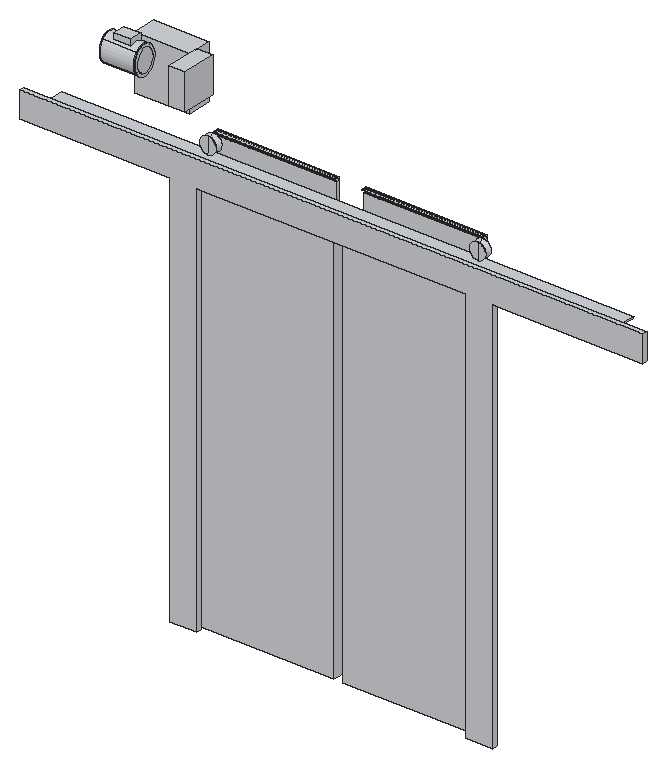
Revit family "Mark IV Horizontal - Bi-Parting (Power)", category Doors, host Wall, Revit 2014
Parameters (values of type "MARK IV Horizontal Bi parting (Power)")
  WIC = 61"
  Swing Angle [instance] = 45.00°
  Shutter = none
  OVERALL FRAME WIDTH = WIC + 4"  # 65"
  OVERALL FRAME HEIGHT = HIC + 2"  # 92"
  HIC = 90"
  Function = Interior
  Frame Projection Ext. = 1"
  Frame Projection Int. = 1"
  Frame Width = 3"
  Height = 60"
  Wall Closure = By host
  Width = 36"
  Frame = none
  LATCH STRIKE TAPPING BAR = 41"
  DOOR CLOSER = 14"
  Closure Offset = 8"
  Closer [instance] = yes
  Clearance Required = (2 * WIC) + 19"  # 141"
  Analytic Construction = "<None>"
Types (5): name | WIC | OVERALL FRAME WIDTH | OVERALL FRAME HEIGHT | HIC | Height | Width | Clearance Required
  3'-0" X 6'-8" | 40" | 44" | 79 1/2" | 77 1/2" | 60" | 36" | 99"
  MARK IV Horizontal Bi parting (Power) | 61" | 65" | 92" | 90" | 60" | 36" | 141"
  3'-0" X 8'-0" | 36" | 40" | 98" | 96" | 96" | 36" | 91"
  4'-0" X 7'-0" | 48" | 52" | 86" | 84" | 84" | 48" | 115"
  4'-0" X 8'-0" | 48" | 52" | 98" | 96" | 96" | 48" | 115"
Reference planes (in)
  plane 1 "Center (Front/Back)": y = 0
  plane 2 "Center (Left/Right)": x = 0
  plane 3 "Exterior": y = 4
  plane 4 "Interior": y = -4
  plane 5: x = -30.5
  plane 6 "HIC": z = 90
  plane 7: y = 6
  plane 8: x = -32.5
  plane 9: z = 92
  plane 10: y = 4.98652
  plane 11: y = 10
  plane 12: z = 96
  plane 13 "Panel L": x = 32.48977
  plane 14: x = -34.5
  plane 15: z = 92
  plane 16: z = 0
  plane 17: z = 51.48172
  plane 18: x = 32.48977
  plane 19: x = 38.48977
  plane 20: y = 5
  plane 21: y = 10.5625
  plane 22: x = -64.75
  plane 23 "panel r": x = -32.5
  plane 24: x = 1
  plane 25: x = -1
  plane 26: x = 70.5
  plane 27: x = 64.75
  plane 28: x = 3
  plane 29: x = -3
  plane 30: y = -53.37225
  plane 31: y = -50.37225
  plane 32: y = -1.70841
  plane 33: y = -15.70841
Forms (in)
  Extrusion 1, solid
    sketch origin (0, 5, 0) x (1, 0, 0) y (0, 0, 1)
      loop
        line (32.48977, 92) -> (1, 92) -> (1, 0) -> (32.48977, 0) -> (32.48977, 92)
    from -5 to -1
  Extrusion 2, solid
    sketch origin (0, 0, 0) x (1, 0, 0) y (0, 1, 0)
      loop
        line (30.5, 4) -> (36.5, 4) -> (36.5, 5) -> (30.5, 5) -> (30.5, 4)
    from 0 to 96
  Extrusion 3, solid
    sketch origin (-69.98977, 0, 0) x (1, 0, 0) y (0, 1, 0)
      loop
        line (33.48977, 4) -> (39.48977, 4) -> (39.48977, 5) -> (33.48977, 5) -> (33.48977, 4)
    from 0 to 96
  Extrusion 4, solid
    sketch origin (0, 0, 0) x (1, 0, 0) y (0, 0, 1)
      loop
        line (70.5, 96) -> (-70.5, 96) -> (-70.5, 90) -> (70.5, 90) -> (70.5, 96)
    from -5 to -4
  Sweep 5, solid
    path origin (0, 0, 0) x (1, 0, 0) y (0, 0, 1)
      loop
        line (64.75, 96) -> (-64.75, 96)
    profile origin (0, 0, 96) x (0, 0, -1) y (0, -1, 0)
      loop
        line (0.5, -5) -> (0.5, -8.58617) -> (0.78125, -8.30492) -> (0.78125, -5.23652) -> (3.5, -5.23652) -> (3.5, -5) -> (0.5, -5)
  Sweep 6, solid
    path origin (0, 0, 0) x (1, 0, 0) y (0, 0, 1)
      loop
        line (-3, 100) -> (-30.5, 100)
    profile origin (-16.75, 0, 100) x (0, 0, -1) y (0, -1, 0)
      loop
        line (1.40922, -9.32799) -> (1.40922, -9.6822) -> (0.74593, -9.6822)
        arc (0.74593, -9.6822) -> (0.68178, -9.62086) -> (0.65817, -9.5353) r 0.16683
        line (0.65817, -9.5353) -> (0.65817, -8.76109) -> (0.54276, -8.76109) -> (0.54276, -9.81212) -> (6.11057, -9.81212)
        arc (6.11057, -9.81212) -> (6.17753, -9.76735) -> (6.2223, -9.70039) r 0.2067
        line (6.2223, -9.70039) -> (6.2223, -8.75329) -> (6.11057, -8.75329) -> (6.11057, -9.6822) -> (5.37644, -9.6822)
        arc (5.37644, -9.6822) -> (5.85233, -9.48508) -> (6.04945, -9.00919) r 0.67301
        line (6.04945, -9.00919) -> (6.04945, -6.75919) -> (5.65982, -6.75919) -> (5.65982, -9.00919)
        arc (5.65982, -9.00919) -> (5.45596, -9.24152) -> (5.15922, -9.32799) r 0.55243
        line (5.15922, -9.32799) -> (1.40922, -9.32799)
  Extrusion 7, solid
    sketch origin (0, 5, 0) x (1, 0, 0) y (0, 0, 1)
      loop
        line (-1, 92) -> (-34.5, 92) -> (-34.5, 0) -> (-1, 0) -> (-1, 92)
    from -5 to -1
  Sweep 8, solid
    path origin (0, 0, 0) x (1, 0, 0) y (0, 0, 1)
      loop
        line (30.5, 100) -> (3, 100)
    profile origin (16.75, 0, 100) x (0, 0, -1) y (0, -1, 0)
      loop
        line (1.40922, -9.32799) -> (1.40922, -9.6822) -> (0.74593, -9.6822)
        arc (0.74593, -9.6822) -> (0.68178, -9.62086) -> (0.65817, -9.5353) r 0.16683
        line (0.65817, -9.5353) -> (0.65817, -8.76109) -> (0.54276, -8.76109) -> (0.54276, -9.81212) -> (6.11057, -9.81212)
        arc (6.11057, -9.81212) -> (6.17753, -9.76735) -> (6.2223, -9.70039) r 0.2067
        line (6.2223, -9.70039) -> (6.2223, -8.75329) -> (6.11057, -8.75329) -> (6.11057, -9.6822) -> (5.37644, -9.6822)
        arc (5.37644, -9.6822) -> (5.85233, -9.48508) -> (6.04945, -9.00919) r 0.67301
        line (6.04945, -9.00919) -> (6.04945, -6.75919) -> (5.65982, -6.75919) -> (5.65982, -9.00919)
        arc (5.65982, -9.00919) -> (5.45596, -9.24152) -> (5.15922, -9.32799) r 0.55243
        line (5.15922, -9.32799) -> (1.40922, -9.32799)
Cuts and joins
  joined: Extrusion 2, Extrusion 3, Extrusion 4
Lines and regions (in)
  Opening 1
    outline origin (-60, -4, 0) x (1, 0, 0) y (0, 0, 1)
      loop
        line (90.5, 90) -> (29.5, 90) -> (29.5, 0) -> (90.5, 0) -> (90.5, 90)
Text (in)
  text "Exterior" at (-74.96733, 27.31104, 0), in view "Ref. Level"
  text "Interior" at (-74.96733, -25.14366, 0), in view "Ref. Level"
  text "Exterior" at (0, 40.15149, 123.01588), in view "Right"
  text "Interior" at (0, -64.39139, 123.01588), in view "Right"
  text "Interior" at (0, -31.01599, 123.00693), in view "Left"
  text "Exterior" at (0, 54.57065, 123.00693), in view "Left"
Dimensions and locks (in)
  plane 5 to plane 2 "Center (Left/Right)" = 30 1/2"
  "HIC": level to plane 6 "HIC"
  locked: plane 8 to plane 5 at 2
  locked: plane 6 "HIC" to plane 9 at 2
  locked: Extrusion 2 sketch curve to Extrusion 2 sketch curve at 6
  locked: Extrusion 2 sketch curve to Extrusion 2 sketch curve at 1
  locked: Extrusion 3 sketch curve to Extrusion 3 sketch curve at 6
  locked: Extrusion 3 sketch curve to Extrusion 3 sketch curve at 1
  locked: plane 3 "Exterior" to plane 7 at 2
  locked: plane 11 to plane 7 at 4
  locked: plane 6 "HIC" to plane 12 at 6
  locked: plane 6 "HIC" to plane 15 at 2
  locked: plane 14 to plane 5 at 4
  Extrusion 4 sketch curve to Extrusion 4 sketch curve = 6"
  locked: plane 6 "HIC" to Extrusion 4 at 6
  plane 19 to plane 13 "Panel L" = 6"
  locked: plane 3 "Exterior" to plane 20 at 1
  locked: plane 6 "HIC" to Sweep 6 sketch curve at 10
  locked: plane 6 "HIC" to Sweep 5 sketch curve at 6
  locked: cut or joined group of Extrusion 2, Extrusion 3, Extrusion 4 to plane 3 "Exterior" at 1
  locked: Sweep 6 sketch curve to plane 3 "Exterior" at 5.32799
  locked: plane 23 "panel r" to plane 5 at 2
  locked: nested 1 to plane 3 "Exterior" at 3.9231
  locked: nested 2 to plane 3 "Exterior" at 3.9231
  locked: nested 1 to plane 15 at 5.34361
  locked: level to nested 3 at 43
  locked: plane 2 "Center (Left/Right)" to plane 24 at 1
  locked: plane 25 to plane 2 "Center (Left/Right)" at 1
  locked: plane 2 "Center (Left/Right)" to nested 3 at 6
  locked: nested 4 to plane 2 "Center (Left/Right)" at 6
  locked: level to nested 4 at 43
  locked: plane 26 to plane 27 at 5.75
  plane 26 to plane 2 "Center (Left/Right)" = 70 1/2"
  locked: plane 28 to plane 24 at 2
  locked: plane 25 to plane 29 at 2
  locked: nested 5 to plane 15 at 6
  locked: nested 5 to host wall at 13
  aligned and locked: plane 3 "Exterior" to host wall
  aligned and locked: plane 4 "Interior" to host wall
  aligned and locked: Opening 1 sketch curve to level
  aligned and locked: host wall to Extrusion 1 sketch curve
  aligned and locked: plane 3 "Exterior" to Extrusion 2 sketch curve
  aligned and locked: Extrusion 2 sketch curve to host wall
  aligned and locked: Opening 1 sketch curve to plane 6 "HIC"
  aligned and locked: plane 22 to Sweep 5 sketch curve
  aligned and locked: Sweep 5 sketch curve to plane 20
  aligned and locked: Opening 1 sketch curve to plane 5
  aligned and locked: Extrusion 1 sketch curve to plane 18
  aligned and locked: Extrusion 3 sketch curve to plane 5
  aligned and locked: nested 1 to plane 5
  aligned and locked: nested 1 to nested 2
  aligned and locked: plane 5 to Sweep 6 sketch curve
  aligned and locked: cut or joined group of Extrusion 2, Extrusion 3, Extrusion 4 to plane 12  (x2)
  aligned and locked: nested 2 to nested 1
  aligned and locked: Extrusion 1 to plane 24
  aligned and locked: Extrusion 7 to plane 25
  aligned and locked: Extrusion 7 to plane 14
  aligned and locked: plane 26 to cut or joined group of Extrusion 2, Extrusion 3, Extrusion 4
  aligned and locked: Sweep 5 sketch curve to plane 27
  aligned and locked: plane 28 to Sweep 8 sketch curve
  aligned and locked: Sweep 6 sketch curve to plane 29
Automatic sketch dimensions
  plane 20 to Extrusion 3 sketch curve = 0"
  Sweep 5 sketch curve to profile plane = 1/2"
  Sweep 5 sketch curve to Sweep 5 sketch curve = 9/32"  (x2)
  Sweep 5 sketch curve to Sweep 5 sketch curve = 2 23/32"
  Sweep 5 sketch curve to Sweep 5 sketch curve = 0.23652"
  Sweep 5 sketch curve to Sweep 5 sketch curve = 3.0684"
  Sweep 6 sketch curve to profile plane = 0.54276"
  Sweep 6 sketch curve to Sweep 6 sketch curve = 0.11541"
  Sweep 6 sketch curve to Sweep 6 sketch curve = 0.08776"
  Sweep 6 sketch curve to Sweep 6 sketch curve = 0.07907"
  Sweep 6 sketch curve to Sweep 6 sketch curve = 0.58422"
  Sweep 6 sketch curve to Sweep 6 sketch curve = 3 3/4"
  Sweep 6 sketch curve to Sweep 6 sketch curve = 0.21722"
  Sweep 6 sketch curve to Sweep 6 sketch curve = 0.28337"
  Sweep 6 sketch curve to Sweep 6 sketch curve = 0.65493"
  Sweep 6 sketch curve to Sweep 6 sketch curve = 0.38964"
  Sweep 6 sketch curve to Sweep 6 sketch curve = 0.06111"
  Sweep 6 sketch curve to Sweep 6 sketch curve = 0"  (x2)
  Sweep 6 sketch curve to Sweep 6 sketch curve = 0.11173"
  Sweep 6 sketch curve to Sweep 6 sketch curve = 0.20731"
  Sweep 6 sketch curve to Sweep 6 sketch curve = 0.2932"
  Sweep 6 sketch curve to Sweep 6 sketch curve = 0.06101"
  Sweep 6 sketch curve to Sweep 6 sketch curve = 0.01818"
  Sweep 6 sketch curve to Sweep 6 sketch curve = 0.77421"
  Sweep 6 sketch curve to Sweep 6 sketch curve = 0.2559"
  Sweep 6 sketch curve to Sweep 6 sketch curve = 1.9941"
  Extrusion 1 sketch curve to plane 15 = 0"
  plane 6 "HIC" to Extrusion 4 sketch curve = 0"
  Extrusion 7 sketch curve to plane 15 = 0"
  plane 23 "panel r" to Extrusion 7 sketch curve = 2"
  Extrusion 7 sketch curve to level = 0"
  Extrusion 7 sketch curve to plane 13 "Panel L" = 33.48977"
  Extrusion 1 sketch curve to plane 23 "panel r" = 33 1/2"
  Sweep 8 sketch curve to plane 12 = 4"
  Sweep 8 sketch curve to profile plane = 0.54276"
  Sweep 8 sketch curve to Sweep 8 sketch curve = 0.11541"
  Sweep 8 sketch curve to Sweep 8 sketch curve = 0.08776"
  Sweep 8 sketch curve to Sweep 8 sketch curve = 0.07907"
  Sweep 8 sketch curve to Sweep 8 sketch curve = 0.58422"
  Sweep 8 sketch curve to Sweep 8 sketch curve = 3 3/4"
  Sweep 8 sketch curve to Sweep 8 sketch curve = 0.21722"
  Sweep 8 sketch curve to Sweep 8 sketch curve = 0.28337"
  Sweep 8 sketch curve to Sweep 8 sketch curve = 0.65493"
  Sweep 8 sketch curve to Sweep 8 sketch curve = 0.38964"
  Sweep 8 sketch curve to Sweep 8 sketch curve = 0.06111"
  Sweep 8 sketch curve to Sweep 8 sketch curve = 0"  (x2)
  Sweep 8 sketch curve to Sweep 8 sketch curve = 0.11173"  (x2)
  Sweep 8 sketch curve to plane 1 "Center (Front/Back)" = 9.81212"
  Sweep 8 sketch curve to Sweep 8 sketch curve = 0.06101"
  Sweep 8 sketch curve to Sweep 8 sketch curve = 0.12991"
  Sweep 8 sketch curve to Sweep 8 sketch curve = 0.35422"
  Sweep 8 sketch curve to Sweep 8 sketch curve = 0.77421"
  Sweep 8 sketch curve to Sweep 8 sketch curve = 0.2559"
  Sweep 8 sketch curve to Sweep 8 sketch curve = 1.9941"
  Extrusion 4 sketch curve to plane 26 = 0"
  Opening 1 sketch curve to plane 13 "Panel L" = 1.98977"
  Sweep 8 sketch curve to plane 13 "Panel L" = 1.98977"
  plane 22 to Extrusion 4 sketch curve = 5 3/4"
Nested families (in)
  nested 1: "Roller" at (-30.5, 7.9231, 95.49986), type "Roller"
  nested 2: "Roller" at (30.5, 7.9231, 95.49986), type "Roller"
  nested 3: "Handle" at (6, 10, 43) x (-1, 0, 0) z (0, 1, 0), type "Handle"
  nested 4: "Handle" at (-6, 10, 43) x (1, 0, 0) z (0, 1, 0), type "Handle"
  nested 5: "Motor" at (-118.1885, 239.96765, -55.04618), type "Motor"
Definition of nested family "Roller"
  Reference planes (in)
    plane 1 "Center (Front/Back)": y = 0
    plane 2: z = 0
    plane 3 "Center (Left/Right)": x = 0
    plane 4: z = 1.84375
  Forms (in)
    Revolve 1, solid
      sketch origin (0, -6.4231, -89.40625) x (0, 1, 0) y (0, 0, 1)
        loop
          line (7.82799, 91.25) -> (7.82799, 91.75033) -> (7.17174, 91.75033) -> (7.17174, 93.09375) -> (6.42174, 92.34375) -> (5.67174, 93.09375) -> (5.67174, 91.25) -> (7.82799, 91.25)
        axis (7.82799, 91.25) -> (5.67174, 91.25)
      angle from 0 to 360
  Dimensions and locks (in)
    aligned and locked: plane 2 to level
Definition of nested family "Handle"
  Parameters (values of type "Handle")
    Default Elevation = 48"
  Reference planes (in)
    plane 1 "Center (Front/Back)": y = 0
    plane 2: z = 0
    plane 3 "Center (Left/Right)": x = 0
  Forms (in)
    Extrusion 1, solid
      sketch origin (0, 0, 0) x (1, 0, 0) y (0, 1, 0)
        loop
          line (-48, 48) -> (-48, -48) -> (48, -48) -> (48, 48) -> (-48, 48)
      from 0 to -12
    Extrusion 2, solid
      sketch origin (0, 0, 0) x (0, 1, 0) y (0, 0, 1)
        loop
          line (-3.80932, 0) -> (-2.36661, 0) -> (-2.36661, 0.29687)
          arc (-2.36661, 0.29687) -> (-2.22902, 1.02391) -> (-1.82375, 1.64299) r 1.89692
          line (-1.82375, 1.64299) -> (0, 1.64299) -> (1.82375, 1.64299)
          arc (1.82375, 1.64299) -> (2.22902, 1.02391) -> (2.36661, 0.29687) r 1.89692
          line (2.36661, 0.29687) -> (2.36661, 0) -> (3.80932, 0) -> (3.80932, 0.29687) -> (2.81019, 0.29687)
          arc (2.81019, 0.29687) -> (2.5914, 1.27762) -> (1.96409, 2.06262) r 2.22895
          line (1.96409, 2.06262) -> (0, 2.06262) -> (-1.96409, 2.06262)
          arc (-1.96409, 2.06262) -> (-2.5914, 1.27762) -> (-2.81019, 0.29687) r 2.22895
          line (-2.81019, 0.29687) -> (-3.80932, 0.29687) -> (-3.80932, 0)
      from -3.09244 to 4.26058
    Extrusion 3, void
      sketch origin (0, 0, 0) x (1, 0, 0) y (0, 1, 0)
        loop
          line (-0.5, 1.7903) -> (-0.5, 0.82375) -> (-0.60688, 0.82375) -> (-0.60688, -0.7903) -> (-0.5, -0.7903) -> (-0.5, -1.7903)
          arc (-0.5, -1.7903) -> (-0.6574, -2.48734) -> (-1.09906, -3.0491) r 1.62209
          arc (-1.09906, -3.0491) -> (0.009, -3.85787) -> (1.1397, -3.08107) r 1.18676
          arc (1.1397, -3.08107) -> (0.6687, -2.51059) -> (0.5, -1.7903) r 1.62209
          line (0.5, -1.7903) -> (0.5, -0.7903) -> (0.60688, -0.7903) -> (0.60688, 0.82375) -> (0.5, 0.82375) -> (0.5, 1.7903)
          arc (0.5, 1.7903) -> (0.6687, 2.51059) -> (1.1397, 3.08107) r 1.62209
          arc (1.1397, 3.08107) -> (0.009, 3.85787) -> (-1.09906, 3.0491) r 1.18676
          arc (-1.09906, 3.0491) -> (-0.6574, 2.48734) -> (-0.5, 1.7903) r 1.62209
        loop
          line (-3.20398, 4.60753) -> (-3.20398, -4.64247) -> (5.04602, -4.64247) -> (5.04602, 4.60753) -> (-3.20398, 4.60753)
      from 0 to 3.13683
  Cuts and joins
    Extrusion 3 cuts Extrusion 2
  Dimensions and locks (in)
    aligned and locked: plane 2 to Extrusion 1
    aligned and locked: level to Extrusion 1
Definition of nested family "Motor"
  Reference planes (in)
    plane 1 "Center (Front/Back)": y = 0
    plane 2: z = 0
    plane 3 "Center (Left/Right)": x = 0
    plane 4: y = -75.66764
    plane 5: y = -97.66764
    plane 6: y = -213.78582
    plane 7: y = -235.78582
    plane 8: z = 58.41669
    plane 9: z = 64.79299
    plane 10: z = 155.45324
    plane 11: z = 161.82824
  Forms (in)
    Extrusion 1, solid
      sketch origin (0, -208.98528, 96.84833) x (1, 0, 0) y (0, 0, 1)
        loop
          line (61.6885, 64.19785) -> (61.6885, 51.94785) -> (74.04149, 51.94785) -> (74.04149, 64.19785) -> (61.6885, 64.19785)
      from 6.59446 to 12
    Extrusion 2, solid
      sketch origin (0, -219.56332, 97.45999) x (0, 1, 0) y (0, 0, 1)
        loop
          arc (-2.99637, 63.54741) -> (-4.93444, 64.40015) -> (-6.83167, 63.46005) r 2.5
          arc (-6.83167, 63.46005) -> (-7.62957, 61.18076) -> (-6.83167, 58.90146) r 3.65447
          arc (-6.83167, 58.90146) -> (-4.93444, 57.96136) -> (-2.99637, 58.81411) r 2.5
          arc (-2.99637, 58.81411) -> (-2.10689, 61.18076) -> (-2.99637, 63.54741) r 3.59322
      from 58.66425 to 66.36755
    Extrusion 3, solid
      sketch origin (8.41216, 0, 0) x (0, 1, 0) y (0, 0, 1)
        loop
          line (-218.96765, 161.1433) -> (-226.96765, 161.1433) -> (-226.96765, 153.04618) -> (-218.96765, 153.04618) -> (-218.96765, 161.1433)
      from 65.62934 to 69.27634
    Extrusion 4, solid
      sketch origin (0, 0, 0) x (0, 1, 0) y (0, 0, 1)
        loop
          line (-223.06114, 162.77716) -> (-225.81114, 162.77716) -> (-225.81114, 161.45178)
          arc (-225.81114, 161.45178) -> (-224.43521, 161.86078) -> (-223.06114, 161.4456) r 2.5
          line (-223.06114, 161.4456) -> (-223.06114, 162.77716)
      from 60.76563 to 64.70642
    Extrusion 5, void
      sketch origin (0, 0, 0) x (1, 0, 0) y (0, 0, 1)
        loop
          line (65.73483, 159.04254) -> (65.73483, 151.04254) -> (69.98483, 151.04254) -> (69.98483, 159.04254) -> (65.73483, 159.04254)
      from 215.35501 to 215.75529
    Sweep 6, solid
      path in 3D
        loop
          arc (58.66425, -226.39499, 160.92004) -> (58.66425, -227.19289, 158.64074) -> (58.66425, -226.39499, 156.36145) r 3.65447
          arc (58.66425, -226.39499, 156.36145) -> (58.66425, -224.49776, 155.42135) -> (58.66425, -222.55969, 156.27409) r 2.5
          arc (58.66425, -222.55969, 156.27409) -> (58.66425, -221.67021, 158.64074) -> (58.66425, -222.55969, 161.00739) r 3.59322
          arc (58.66425, -222.55969, 161.00739) -> (58.66425, -224.49776, 161.86014) -> (58.66425, -226.39499, 160.92004) r 2.5
      profile origin (58.66425, -224.49776, 161.86014) x (0, -0.022771, 0.999741) y (-1, 0, 0)
        loop
          line (0, 0) -> (-0.26932, 0.26932) -> (-0.5, 0.26932) -> (-0.5, 0) -> (0, 0)
    Extrusion 7, solid
      sketch origin (58.66425, -219.56332, 97.45999) x (0, -1, 0) y (0, 0, 1)
        loop
          arc (3.3726, 63.21808) -> (2.60689, 61.18076) -> (3.3726, 59.14343) r 3.09322
          arc (3.3726, 59.14343) -> (4.92305, 58.46123) -> (6.44083, 59.21331) r 2
          arc (6.44083, 59.21331) -> (7.12957, 61.18076) -> (6.44083, 63.1482) r 3.15447
          arc (6.44083, 63.1482) -> (4.92305, 63.90028) -> (3.3726, 63.21808) r 2
      from 0 to 0.26932
    Sweep 8, solid
      path in 3D
        loop
          arc (66.36755, -222.55969, 161.00739) -> (66.36755, -221.67021, 158.64074) -> (66.36755, -222.55969, 156.27409) r 3.59322
          arc (66.36755, -222.55969, 156.27409) -> (66.36755, -224.49776, 155.42135) -> (66.36755, -226.39499, 156.36145) r 2.5
          arc (66.36755, -226.39499, 156.36145) -> (66.36755, -227.19289, 158.64074) -> (66.36755, -226.39499, 160.92004) r 3.65447
          arc (66.36755, -226.39499, 160.92004) -> (66.36755, -224.49776, 161.86014) -> (66.36755, -222.55969, 161.00739) r 2.5
      profile origin (66.36755, -224.49776, 161.86014) x (0, -0.022771, 0.999741) y (1, 0, 0)
        loop
          line (0, 0) -> (0, 0.37383) -> (-0.66488, 0.37383) -> (-0.66488, 0) -> (0, 0)
    Extrusion 9, solid
      sketch origin (66.63687, -219.56332, 97.45999) x (0, -1, 0) y (0, 0, 1)
        loop
          arc (6.31195, 63.04536) -> (4.9193, 63.73544) -> (3.49666, 63.10949) r 1.83512
          arc (3.49666, 63.10949) -> (2.77177, 61.18076) -> (3.49666, 59.25202) r 2.92834
          arc (3.49666, 59.25202) -> (4.9193, 58.62607) -> (6.31195, 59.31615) r 1.83512
          arc (6.31195, 59.31615) -> (6.96469, 61.18076) -> (6.31195, 63.04536) r 2.98959
      from -0.10451 to 0.26932
  Cuts and joins
    Extrusion 5 cuts Extrusion 1
  Lines and regions (in)
    sketch lines
      curve 1: arc (58.66425, -222.55969, 161.00739) -> (58.66425, -224.49776, 161.86014) -> (58.66425, -226.39499, 160.92004) r 2.5
      curve 2: arc (58.66425, -226.39499, 160.92004) -> (58.66425, -227.19289, 158.64074) -> (58.66425, -226.39499, 156.36145) r 3.65447
      curve 3: arc (58.66425, -226.39499, 156.36145) -> (58.66425, -224.49776, 155.42135) -> (58.66425, -222.55969, 156.27409) r 2.5
      curve 4: arc (58.66425, -222.55969, 156.27409) -> (58.66425, -221.67021, 158.64074) -> (58.66425, -222.55969, 161.00739) r 3.59322
      curve 5: arc (66.36755, -226.39499, 160.92004) -> (66.36755, -224.49776, 161.86014) -> (66.36755, -222.55969, 161.00739) r 2.5
      curve 6: arc (66.36755, -226.39499, 156.36145) -> (66.36755, -227.19289, 158.64074) -> (66.36755, -226.39499, 160.92004) r 3.65447
      curve 7: arc (66.36755, -222.55969, 161.00739) -> (66.36755, -221.67021, 158.64074) -> (66.36755, -222.55969, 156.27409) r 3.59322
      curve 8: arc (66.36755, -222.55969, 156.27409) -> (66.36755, -224.49776, 155.42135) -> (66.36755, -226.39499, 156.36145) r 2.5
  Dimensions and locks (in)
    plane 6 to plane 7 = 22"
    plane 9 to plane 8 = 6.3763"
    plane 11 to plane 10 = 6 3/8"
    aligned and locked: level to plane 2
